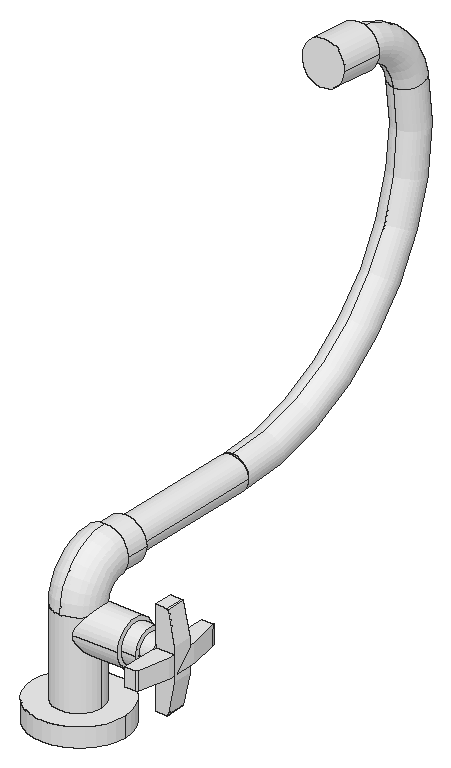
Revit family "Deca_Torneira Cozinha Max_1168.C34_Bica Móvel Parede", category Plumbing Fixtures, host Face, Revit 2012
Parameters (values of type "1168.C34_Cromado CR10")
  WFU = 0
  Vendido Separadamente = ""
  Variações de COR = "Cromado (1168.C34)"  # constant formula
  URL = "www.deca.com.br/produtos"
  Torneira = Deca CR10 Cromado Metal
  Segmento = "Competitivo"  # constant formula
  Raio Água Fria = 7.5 mm  # constant formula
  Produto = "Torneira Cozinha bica móvel parede Max"  # constant formula
  Pressão = "2 A 40 mca"  # constant formula
  Peso Liquido (Kg) = 1.031
  Norma = "ABNT NBR 10281: 2003"  # constant formula
  Model = Código  # "1168.C34"
  Max-Min [instance] = if(Altura de instalação 170 a 220mm > 220 mm, 220 mm, if(Altura de instalação 170 a 220mm < 170 mm, 170 mm, Altura de instalação 170 a 220mm))  # 170 mm
  Material = "Deca_Latão Cromado e Plástico de Engenharia"  # constant formula
  Manufacturer = "Deca"  # constant formula
  Louça/Metais = "Metal"  # constant formula
  Linha = "Max"  # constant formula
  Informações Complementares = "Mecanismo: 2 1/2 voltas"  # constant formula
  HWFU = 0
  Flow Pressure = 0.00 psi
  Diâmetro Água Fria = Raio Água Fria * 2  # 15 mm
  Description = "Torneira cozinha parede"  # constant formula
  Default Elevation = 800 mm
  Código = "1168.C34"  # constant formula
  Criado por = "Contino/quattroD"  # constant formula
  Consumo = "Varia com a pressão"  # constant formula
  CWFU = 0
  Atendimento ao Cliente = "0800-0117073"  # constant formula
  Assembly Code = "D2020"
  Aprovado por = "Contino/quattroD"  # constant formula
  Altura de instalação 170 a 220mm [instance] = 150 mm
  Acompanha o Produto = ""
Reference planes
  plane 1 "Center (Front/Back)": y = -220.664
  plane 2: z = 0
  plane 3 "Center (Left/Right)": x = -0.012
  plane 4 "Front 1": z = 257.461
  plane 5 "Right 2": x = 60.571
  plane 6 "Left 1": x = -25.025
  plane 7 "Top 2": y = -50.664
  plane 8 "Top 3": y = -24.664
  plane 9 "Top 1": y = -76.664
  plane 10 "Top 4": y = 182.836
  plane 11 "Right 1": x = 27.188
Forms (mm)
  Extrusion 1, solid, material "Deca CR10 Cromado Metal" <- "Torneira"
    sketch origin (32.854, -50.664, -32.146) x (-1, 0, 0) y (0, 0, 1)
      loop
        line (-12.888, 54.426) -> (-12.888, 106.426) -> (-18.77, 106.426)
        arc (-18.77, 106.426) -> (-19.227, 106.187) -> (-19.504, 105.752) r 1
        arc (-19.504, 105.752) -> (-23.438, 80.431) -> (-19.503, 55.105) r 83.833
        arc (-19.503, 55.105) -> (-19.189, 54.656) -> (-18.696, 54.426) r 1
        line (-18.696, 54.426) -> (-12.888, 54.426)
    from -5 to 5
  Extrusion 2, solid, material "Deca CR10 Cromado Metal" <- "Torneira"
    sketch origin (32.854, -131.089, 48.28) x (0, 1, 0) y (-1, 0, 0)
      loop
        line (54.426, -12.888) -> (54.426, -18.696)
        arc (54.426, -18.696) -> (54.656, -19.189) -> (55.105, -19.503) r 1
        arc (55.105, -19.503) -> (80.431, -23.438) -> (105.752, -19.504) r 83.833
        arc (105.752, -19.504) -> (106.187, -19.227) -> (106.426, -18.77) r 1
        line (106.426, -18.77) -> (106.426, -12.888) -> (54.426, -12.888)
    from -5 to 5
Dimensions and locks
  plane 4 "Front 1" to host face = 257.461 mm  (x2)
  plane 6 "Left 1" to plane 5 "Right 2" = 85.596 mm  (x2)
  "Max-Min": plane 1 "Center (Front/Back)" to plane 7 "Top 2"
  locked: plane 7 "Top 2" to plane 8 "Top 3" at 26
  locked: plane 7 "Top 2" to plane 9 "Top 1" at 26
  plane 9 "Top 1" to plane 8 "Top 3" to plane 10 "Top 4" = 52 mm, 207.5 mm
  plane 6 "Left 1" to plane 11 "Right 1" to plane 5 "Right 2" = 52.213 mm, 33.383 mm
  plane 9 "Top 1" to plane 10 "Top 4" = 259.5 mm
  aligned and locked: host face to plane 2
  aligned and locked: level to host face
  aligned: plane 7 "Top 2" to nested 1
  aligned: plane 8 "Top 3" to nested 1
  aligned and locked: plane 7 "Top 2" to nested 1  (x2)
Automatic sketch dimensions
  host sketch curve to host sketch curve = 389.67 mm
  host sketch curve to host sketch curve = 600.616 mm
  plane 5 "Right 2" to Extrusion 1 sketch curve = 8.179 mm
  Extrusion 1 sketch curve to Extrusion 1 sketch curve = 0.033 mm
  Extrusion 1 sketch curve to plane 4 "Front 1" = 234.502 mm
  plane 3 "Center (Left/Right)" to Extrusion 1 sketch curve = 52.37 mm
  Extrusion 1 sketch curve to Extrusion 1 sketch curve = 0.015 mm
  Extrusion 1 sketch curve to Extrusion 1 sketch curve = 0.734 mm
  Extrusion 1 sketch curve to Extrusion 1 sketch curve = 0.792 mm
  Extrusion 1 sketch curve to Extrusion 1 sketch curve = 0.219 mm
  Extrusion 1 sketch curve to Extrusion 1 sketch curve = 0.161 mm
  Extrusion 1 sketch curve to Extrusion 1 sketch curve = 5.663 mm
  plane 6 "Left 1" to Extrusion 1 sketch curve = 2.516 mm
  Extrusion 1 sketch curve to Extrusion 1 sketch curve = 0.679 mm
  Extrusion 1 sketch curve to Extrusion 1 sketch curve = 0.005 mm
  Extrusion 1 sketch curve to plane 4 "Front 1" = 209.119 mm
  Extrusion 1 sketch curve to Extrusion 1 sketch curve = 0.312 mm
  Extrusion 1 sketch curve to Extrusion 1 sketch curve = 0.011 mm
  plane 11 "Right 1" to Extrusion 2 sketch curve = 18.554 mm
  Extrusion 2 sketch curve to plane 9 "Top 1" = 0 mm
  Extrusion 2 sketch curve to Extrusion 2 sketch curve = 0.679 mm
  Extrusion 2 sketch curve to Extrusion 2 sketch curve = 0.005 mm
  Extrusion 2 sketch curve to Extrusion 2 sketch curve = 0.987 mm
  plane 6 "Left 1" to Extrusion 2 sketch curve = 2.516 mm
  plane 9 "Top 1" to Extrusion 2 sketch curve = 26.062 mm
  plane 9 "Top 1" to Extrusion 2 sketch curve = 51.024 mm
  Extrusion 2 sketch curve to Extrusion 2 sketch curve = 0.301 mm
  Extrusion 2 sketch curve to Extrusion 2 sketch curve = 0.011 mm
  Extrusion 2 sketch curve to Extrusion 2 sketch curve = 0.976 mm
  Extrusion 2 sketch curve to Extrusion 2 sketch curve = 5.648 mm
  Extrusion 2 sketch curve to Extrusion 2 sketch curve = 5.663 mm
  Extrusion 2 sketch curve to Extrusion 2 sketch curve = 0.161 mm
  Extrusion 2 sketch curve to Extrusion 2 sketch curve = 0.219 mm
  Extrusion 2 sketch curve to Extrusion 2 sketch curve = 0.015 mm
Nested families
  nested 1: "Deca_Shared_Torneira Cozinha Max_1168.C34_Bica Móvel Parede" at (-0.012, -50, 0), Torneira <- "Torneira", type "1168.C34_Cromado CR10"
    with Torneira Deca CR10 Cromado Metal
Connectors
  piping at (-0.012, -50.664, 0), driven by "Raio Água Fria", driven by "Flow Pressure", driven by "CWFU"
    settings: on nested 1, index 1, connector radius 0.29528", flow factor 0, pipe flow 0 GPM, pressure drop 0.00 psi, fitting loss kfactor 0, connector angle 0.00°, fixture units 0, engagement length 0 mm, flow configuration 3, flow direction 1, fitting loss method 4, system type 20, joint type 0, gender type 0, connector reference index -1, connector utility 0, adjustable connector no, is connector primary yes, fitting loss table "", connector description ""
Definition of nested family "Deca_Shared_Torneira Cozinha Max_1168.C34_Bica Móvel Parede"
  Parameters (values of type "1168.C34_Cromado CR10")
    URL = ""
    Type Comments = ""
    Torneira [instance] = none
    Model = ""
    Manufacturer = ""
    Description = ""
    Assembly Code = ""
  Reference planes
    plane 1 "Center (Front/Back)": y = -0.664
    plane 2: z = 0
    plane 3 "Center (Left/Right)": x = 0
    plane 4 "Left 1": x = -25.013
    plane 5 "Right 1": x = 24.99
    plane 6 "Front 1": z = 257.512
    plane 7 "Top 1": y = 25.336
    plane 8 "Right 2": x = 56.78
    plane 9 "Bottom 1": y = -26.664
    plane 10 "Top 2": y = 232.592
  Forms (mm)
    Sweep 1, solid, material <- "Torneira"
      path origin (0, -0.625, 0) x (0, 1, 0) y (0, 0, 1)
        loop
          arc (-0.664, 56.769) -> (4.624, 69.535) -> (17.39, 74.822) r 18.054
      profile origin (0, 3.999, 69.535) x (0, -0.707107, 0.707107) y (1, 0, 0)
        loop
          circle (0, 0) r 12.644
    Extrusion 2, solid, material <- "Torneira"
      sketch origin (0, -0.696, 0) x (1, 0, 0) y (0, 1, 0)
        loop
          circle (0, -0.664) r 12.574
      from 10.446 to 56.769
    Extrusion 3, solid, material <- "Torneira"
      sketch origin (0, 0, 0) x (1, 0, 0) y (0, 1, 0)
        loop
          circle (0, -0.664) r 25.013
      from 0 to 10.446
    Extrusion 4, solid, material <- "Torneira"
      sketch origin (0, -0.664, -0.742) x (1, 0, 0) y (0, 0, 1)
        loop
          circle (0, 74.882) r 11.43
      from -31.372 to -16.765
    Extrusion 5, solid, material <- "Torneira"
      sketch origin (0, -0.664, -0.625) x (1, 0, 0) y (0, 0, 1)
        loop
          circle (0, 74.812) r 8.889
      from -103.432 to -31.372
    Sweep 6, solid, material <- "Torneira"
      path origin (0, 0, 0) x (0, 1, 0) y (0, 0, 1)
        loop
          arc (103.432, 74.187) -> (196.138, 116.314) -> (221.527, 214.927) r 117.995
          arc (221.527, 214.927) -> (209.8, 235.187) -> (188.105, 243.98) r 36.066
      profile origin (0, 196.138, 116.314) x (0, -0.766044, 0.642788) y (1, 0, 0)
        loop
          circle (0, 0) r 8.9
    Extrusion 7, solid, material <- "Torneira"
      sketch origin (0, -0.075, 15.019) x (1, 0, 0) y (0, 0.086129, 0.996284)
        loop
          circle (0, 244.465) r 11.5
      from -167.761 to -144.451
    Extrusion 8, solid, material <- "Torneira"
      sketch origin (0, 0, 0.312) x (0, 1, 0) y (0, 0, 1)
        loop
          circle (-0.664, 47.89) r 10
      from 30.454 to 38.391
    Extrusion 9, solid, material <- "Torneira"
      sketch origin (0, 0, 0.312) x (0, 1, 0) y (0, 0, 1)
        loop
          circle (-0.664, 47.89) r 8
      from 45.677 to 38.268
    Extrusion 10, solid, material <- "Torneira"
      sketch origin (0, 0, 0.312) x (0, 1, 0) y (0, 0, 1)
        loop
          circle (-0.664, 47.89) r 12
      from 0.747 to 30.454
  Lines and regions (mm)
    Masking region 1
      outline origin (0, 0, 0) x (0, 1, 0) y (0, 0, 1)
        loop
          line (103.901, 66.165) -> (31.372, 66.165) -> (31.372, 63.009) -> (30.572, 62.209) -> (16.727, 62.209) -> (16.727, 63.482) -> (14.729, 63.482) -> (14.729, 62.347)
          arc (14.729, 62.347) -> (12.971, 59.768) -> (11.484, 57.024) r 30.586
          arc (11.484, 57.024) -> (11.54, 55.332) -> (11.59, 53.64) r 441.836
          line (11.59, 53.64) -> (24.414, 53.64)
          arc (24.414, 53.64) -> (25.121, 53.347) -> (25.414, 52.64) r 1
          line (25.414, 52.64) -> (25.414, 44.64)
          arc (25.414, 44.64) -> (25.121, 43.933) -> (24.414, 43.64) r 1
          line (24.414, 43.64) -> (11.744, 43.64)
          arc (11.744, 43.64) -> (11.514, 27.033) -> (10.66, 10.446) r 441.828
          line (10.66, 10.446) -> (12.602, 10.446) -> (23.435, 6.42) -> (24.309, 5.027) -> (24.309, 0) -> (-25.559, 0) -> (-25.559, 5.027) -> (-24.606, 6.42) -> (-14.438, 10.446) -> (-12.573, 10.446)
          arc (-12.573, 10.446) -> (-13.42, 26.853) -> (-13.658, 43.28) r 442.49
          line (-13.658, 43.28) -> (-25.585, 43.28)
          arc (-25.585, 43.28) -> (-26.293, 43.573) -> (-26.585, 44.28) r 1
          line (-26.585, 44.28) -> (-26.585, 52.28)
          arc (-26.585, 52.28) -> (-26.293, 52.987) -> (-25.585, 53.28) r 1
          line (-25.585, 53.28) -> (-13.504, 53.28)
          arc (-13.504, 53.28) -> (-13.454, 55.014) -> (-13.397, 56.748) r 442.49
          line (-13.397, 56.748) -> (-13.259, 65.607)
          arc (-13.259, 65.607) -> (-7.183, 80.14) -> (7.429, 86.023) r 20.418
          line (7.429, 86.023) -> (14.729, 85.674) -> (14.729, 84.618) -> (16.727, 84.618) -> (16.727, 86.013) -> (30.572, 86.013) -> (31.372, 85.876) -> (31.372, 83.161) -> (104.482, 83.161)
          arc (104.482, 83.161) -> (189.6, 122.742) -> (214.185, 213.335) r 111.313
          arc (214.185, 213.335) -> (204.87, 229.314) -> (187.355, 235.255) r 26.394
          arc (187.355, 235.255) -> (184.927, 234.629) -> (183.287, 232.732) r 4.205
          line (183.287, 232.732) -> (164.797, 234.395)
          arc (164.797, 234.395) -> (164.2, 234.642) -> (163.953, 235.239) r 0.844
          line (163.953, 235.239) -> (165.794, 256.54)
          arc (165.794, 256.54) -> (166.147, 257.219) -> (166.876, 257.45) r 1
          line (166.876, 257.45) -> (185.281, 255.859)
          arc (185.281, 255.859) -> (186.556, 253.691) -> (188.857, 252.672) r 4.108
          line (188.857, 252.672) -> (191.998, 252.339)
          arc (191.998, 252.339) -> (217.859, 241.155) -> (231.396, 216.444) r 43.385
          arc (231.396, 216.444) -> (202.753, 111.57) -> (103.901, 66.321) r 128.313
    Masking region 2
      outline origin (-0.012, -0.664, 0) x (1, 0, 0) y (0, 0, 1)
        loop
          line (-24.021, 6.42) -> (-24.967, 5.027) -> (-24.967, 0) -> (24.99, 0) -> (24.99, 4.982) -> (24.021, 6.42) -> (13.852, 10.446) -> (11.909, 10.446) -> (12.482, 31.862)
          arc (12.482, 31.862) -> (13.851, 34.789) -> (16.928, 35.78) r 4.046
          line (16.928, 35.78) -> (22.208, 35.78) -> (22.208, 37.331) -> (23.038, 37.331) -> (23.038, 36.041) -> (30.262, 36.041) -> (30.262, 37.78) -> (37.617, 37.78) -> (37.617, 42.03) -> (38.403, 42.03) -> (38.403, 40.611) -> (45.766, 40.483) -> (45.766, 22.28) -> (51.506, 22.28)
          arc (51.506, 22.28) -> (52.195, 22.565) -> (52.48, 23.255) r 0.975
          arc (52.48, 23.255) -> (56.405, 48.443) -> (52.48, 73.631) r 82.782
          arc (52.48, 73.631) -> (52.054, 74.104) -> (51.441, 74.28) r 1.156
          line (51.441, 74.28) -> (45.766, 74.28) -> (45.766, 56.077) -> (38.403, 55.93) -> (38.403, 54.53) -> (37.617, 54.53) -> (37.617, 58.78) -> (30.262, 58.78) -> (30.262, 60.519) -> (23.038, 60.519) -> (23.038, 59.229) -> (22.208, 59.229) -> (22.208, 60.78) -> (16.928, 60.78)
          arc (16.928, 60.78) -> (13.872, 61.753) -> (12.484, 64.643) r 4.046
          line (12.484, 64.643) -> (12.159, 72.678)
          arc (12.159, 72.678) -> (11.576, 77.985) -> (8.788, 82.538) r 12.234
          line (8.788, 82.538) -> (8.788, 236.809)
          arc (8.788, 236.809) -> (10.864, 249.907) -> (0, 257.512) r 12.51
          arc (0, 257.512) -> (-10.99, 249.97) -> (-8.721, 236.836) r 12.346
          line (-8.721, 236.836) -> (-8.721, 82.606)
          arc (-8.721, 82.606) -> (-10.933, 79.516) -> (-12.09, 75.896) r 12.234
          arc (-12.09, 75.896) -> (-12.578, 43.17) -> (-11.932, 10.446) r 944.588
          line (-11.932, 10.446) -> (-13.852, 10.446) -> (-24.021, 6.42)
    Masking region 3
      outline origin (137.548, -44.475, 0) x (1, 0, 0) y (0, 1, 0)
        loop
          arc (-146.312, 232.544) -> (-147.109, 230.154) -> (-149.179, 228.719) r 3.985
          line (-149.179, 228.719) -> (-149.179, 210.314)
          arc (-149.179, 210.314) -> (-149.033, 209.768) -> (-148.633, 209.368) r 1.093
          arc (-148.633, 209.368) -> (-147.498, 208.975) -> (-146.312, 208.79) r 6.754
          line (-146.312, 208.79) -> (-146.312, 75.807) -> (-149.028, 75.807) -> (-149.828, 75.007) -> (-149.828, 64.95)
          arc (-149.828, 64.95) -> (-154.887, 25.178) -> (-115.352, 31.844) r 24.967
          line (-115.352, 31.844) -> (-115.352, 32.737) -> (-114.522, 32.737) -> (-114.522, 31.886) -> (-107.094, 31.886) -> (-107.094, 33.786) -> (-99.942, 33.786) -> (-99.942, 36.757) -> (-99.157, 36.757) -> (-99.157, 35.836) -> (-91.828, 35.689) -> (-91.828, 17.85) -> (-85.323, 17.85)
          arc (-85.323, 17.85) -> (-81.395, 43.885) -> (-85.757, 69.85) r 83.629
          line (-85.757, 69.85) -> (-91.828, 69.85) -> (-91.828, 51.862) -> (-99.157, 51.715) -> (-99.157, 50.865) -> (-99.942, 50.865) -> (-99.942, 53.768) -> (-107.094, 53.768) -> (-107.094, 56.05) -> (-114.522, 56.05) -> (-114.522, 55.198) -> (-115.352, 55.198) -> (-115.352, 56.05) -> (-116.196, 56.05)
          arc (-116.196, 56.05) -> (-120.2, 61.096) -> (-125.36, 64.95) r 24.967
          line (-125.36, 64.95) -> (-125.36, 75.007) -> (-126.16, 75.807) -> (-128.876, 75.807) -> (-128.876, 208.79)
          arc (-128.876, 208.79) -> (-127.69, 208.975) -> (-126.556, 209.368) r 6.754
          arc (-126.556, 209.368) -> (-126.156, 209.768) -> (-126.009, 210.314) r 1.093
          line (-126.009, 210.314) -> (-126.009, 228.719)
          arc (-126.009, 228.719) -> (-128.08, 230.154) -> (-128.876, 232.544) r 3.985
          line (-128.876, 232.544) -> (-128.876, 268.809)
          arc (-128.876, 268.809) -> (-137.594, 277.527) -> (-146.312, 268.809) r 8.718
          line (-146.312, 268.809) -> (-146.312, 232.544)
    symbolic lines
      curve 1: arc (0, -13.504, 53.28) -> (0, -13.571, 48.28) -> (0, -13.658, 43.28) r 1275.437
      curve 2: line (0, -13.237, 10.446) -> (0, 10.66, 10.446)
      curve 3: line (0, -24.606, 6.42) -> (0, 23.435, 6.42)
      curve 4: line (0, 24.309, 5.027) -> (0, -25.559, 5.027)
      curve 5: line (0, 31.372, 83.161) -> (0, 31.372, 66.165)
      curve 6: line (0, 30.572, 86.013) -> (0, 30.572, 62.209)
      curve 7: line (0, 166.876, 257.45) -> (0, 164.888, 234.387)
      curve 8: line (0, 185.281, 255.859) -> (0, 183.249, 232.631)
      curve 9: line (0, 188.857, 252.672) -> (0, 187.337, 235.3)
      curve 10: line (-24.978, -0.664, 5.027) -> (25.022, -0.664, 5.027)
      curve 11: line (-24.032, -0.664, 6.42) -> (24.009, -0.664, 6.42)
      curve 12: arc (8.776, -0.664, 81.424) -> (0.058, -0.664, 62.593) -> (-8.661, -0.664, 81.424) r 11.434
      curve 13: arc (12.164, -0.664, 72.267) -> (0.007, -0.664, 61.793) -> (-12.063, -0.664, 72.367) r 12.234
      curve 14: arc (8.776, -0.664, 74.026) -> (0.058, -0.664, 65.308) -> (-8.661, -0.664, 74.026) r 8.718
      curve 15: line (-8.661, -0.664, 74.026) -> (-8.661, -0.664, 82.83)
      curve 16: line (8.776, -0.664, 74.026) -> (8.776, -0.664, 82.538)
      curve 17: line (12.472, -0.664, 64.643) -> (3.868, -0.664, 52.356)
      curve 18: arc (3.868, -0.664, 52.356) -> (2.651, -0.664, 48.496) -> (3.868, -0.664, 44.637) r 6.729
      curve 19: line (3.868, -0.664, 44.637) -> (12.325, -0.664, 31.887)
      curve 20: line (16.332, -0.664, 35.796) -> (5.933, -0.664, 44.679)
      curve 21: arc (5.933, -0.664, 44.679) -> (4.22, -0.664, 48.354) -> (5.933, -0.664, 52.03) r 4.798
      curve 22: line (5.933, -0.664, 52.03) -> (16.916, -0.664, 60.78)
      curve 23: line (22.196, -0.664, 59.229) -> (22.196, -0.664, 37.331)
      curve 24: line (23.026, -0.664, 59.229) -> (23.026, -0.664, 37.331)
      curve 25: line (37.606, -0.664, 54.53) -> (37.606, -0.664, 42.03)
      curve 26: line (38.391, -0.664, 54.53) -> (38.391, -0.664, 42.03)
      curve 27: line (45.754, -0.664, 56.077) -> (45.754, -0.664, 40.483)
      curve 28: line (45.754, -0.664, 52.28) -> (56.305, -0.664, 52.28)
      curve 29: line (45.754, -0.664, 44.28) -> (56.305, -0.664, 44.28)
      curve 30: line (52.453, -0.664, 52.28) -> (52.453, -0.664, 44.28)
      curve 31: line (-8.733, -0.664, 236.836) -> (-8.733, -0.664, 243.912)
      curve 32: line (8.776, -0.664, 236.809) -> (8.776, -0.664, 243.912)
      curve 33: arc (-8.733, -0.664, 243.912) -> (0.022, -0.664, 252.667) -> (8.776, -0.664, 243.912) r 8.754
      curve 34: arc (-11.354, -0.664, 249.03) -> (-0.084, -0.664, 256.121) -> (11.186, -0.664, 249.03) r 12.502
      curve 35: line (-11.943, -0.664, 10.446) -> (11.898, -0.664, 10.446)
      curve 36: arc (-11.631, 184.245, 0) -> (-0.046, 184.853, 0) -> (11.539, 184.245, 0) r 110.597
      curve 37: arc (-11.631, 165.84, 0) -> (-0.046, 166.608, 0) -> (11.539, 165.84, 0) r 87.7
      curve 38: arc (-8.903, 164.327, 0) -> (0.098, 163.934, 0) -> (9.097, 164.353, 0) r 100.072
      curve 39: spline (9.097, 164.353, 0) -> (10.29, 164.662, 0) -> (10.241, 164.989, 0) -> (8.954, 165.295, 0) -> (6.587, 165.543, 0) -> (3.424, 165.703, 0) -> (-0.151, 165.754, 0) -> (-3.706, 165.692, 0) -> (-6.811, 165.524, 0) -> (-9.09, 165.27, 0) -> (-10.269, 164.96, 0) -> (-10.204, 164.633, 0) -> (-8.903, 164.327, 0)
      curve 40: line (-8.764, 31.333, 0) -> (8.673, 31.333, 0)
      curve 41: line (-12.279, 30.533, 0) -> (12.188, 30.533, 0)
      curve 42: line (-12.279, 20.476, 0) -> (-12.279, 16.688, 0)
      curve 43: line (-12.279, 16.688, 0) -> (12.188, 16.688, 0)
      curve 44: line (12.188, 16.688, 0) -> (12.188, 20.476, 0)
      curve 45: line (10.915, 16.688, 0) -> (10.915, 14.69, 0)
      curve 46: line (-11.006, 16.688, 0) -> (-11.006, 14.69, 0)
      curve 47: line (11.863, 14.69, 0) -> (-11.955, 14.69, 0)
      curve 48: line (-11.955, 14.69, 0) -> (-12.494, 1.392, 0)
      curve 49: line (11.863, 14.69, 0) -> (12.423, 1.392, 0)
      curve 50: arc (12.423, 1.392, 0) -> (-0.035, -14.116, 0) -> (-12.494, 1.392, 0) r 12.758
      curve 51: arc (-12.344, 5.085, 0) -> (-9.139, -11.738, 0) -> (7.965, -12.589, 0) r 13.852
      curve 52: line (45.72, -9.085, 0) -> (45.72, -26.624, 0)
      curve 53: line (45.72, -26.624, 0) -> (52.226, -26.624, 0)
      curve 54: line (52.226, 25.376, 0) -> (45.72, 25.376, 0)
      curve 55: line (45.72, 25.376, 0) -> (45.72, 6.509, 0)
      curve 56: arc (8.673, 164.315, 0) -> (9.858, 164.5, 0) -> (10.993, 164.893, 0) r 6.754
      curve 57: arc (10.993, 164.893, 0) -> (11.393, 165.293, 0) -> (11.539, 165.84, 0) r 1.093
      curve 58: arc (-11.631, 165.84, 0) -> (-11.484, 165.293, 0) -> (-11.084, 164.893, 0) r 1.093
      curve 59: arc (-11.084, 164.893, 0) -> (-9.95, 164.5, 0) -> (-8.764, 164.315, 0) r 6.754
      curve 60: line (-11.479, 31.333, 0) -> (-12.279, 30.533, 0)
      curve 61: arc (-8.764, 188.069, 0) -> (-0.046, 188.525, 0) -> (8.672, 188.069, 0) r 83.653
      curve 62: line (21.352, 11.576, 0) -> (11.994, 11.576, 0)
      curve 63: line (22.166, -12.589, 0) -> (6.018, -12.589, 0)
      curve 64: line (45.72, 6.509, 0) -> (45.72, -9.085, 0)
      curve 65: line (45.72, 2.712, 0) -> (55.662, 2.712, 0)
      curve 66: line (45.72, -5.288, 0) -> (55.728, -5.288, 0)
      curve 67: line (52.35, -5.288, 0) -> (52.35, 2.712, 0)
      curve 68: line (37.606, 6.391, 0) -> (37.606, -7.718, 0)
      curve 69: line (38.391, -7.718, 0) -> (38.391, 6.391, 0)
      curve 70: line (22.196, 10.723, 0) -> (22.196, -11.738, 0)
      curve 71: line (23.026, -11.738, 0) -> (23.026, 10.723, 0)
      curve 72: line (30.454, -10.689, 0) -> (30.454, 9.293, 0)
      curve 73: line (30.25, -0.664, 37.78) -> (30.25, -0.664, 58.78)
      curve 74: line (0, 16.727, 84.618) -> (0, 16.727, 63.482)
      curve 75: line (0, 14.729, 84.618) -> (0, 14.729, 63.482)
      curve 76: line (0, 11.59, 53.64) -> (0, 11.744, 43.64)
